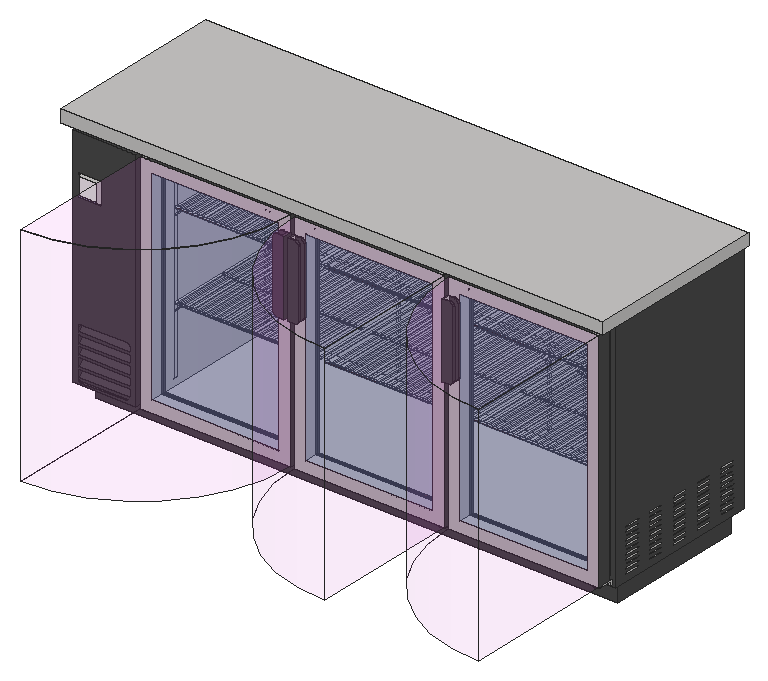
Revit family "QF_Kelvinator_738274_KCHBB72G_3-Glass_Door_Back_Bar_Refrigerator_Black_73_Long", category Specialty Equipment, Revit 2021 (continued)
Definition of nested family "KCHBB48S"
  Definition of nested family "Family2"
    Automatic sketch dimensions
      Sweep 29 sketch curve to plane 10 = 0.0625"
      plane 1 "BACK" to Sweep 29 sketch curve = 0.500"
      Sweep 29 sketch curve to plane 5 "FRONT" = 1.500"
      Sweep 29 sketch curve to profile plane = 0.000"
      profile plane to Sweep 29 sketch curve = 33.51221"
      plane 4 "RIGHT" to Sweep 30 sketch curve = 0.65748"
      Sweep 30 sketch curve to Sweep 30 sketch curve = 0.500"
      Sweep 30 sketch curve to plane 10 = 0.81786"
      Sweep 30 sketch curve to plane 10 = 0.31786"
      level to Sweep 30 sketch curve = 10.9932"
      Sweep 30 sketch curve to Sweep 30 sketch curve = 1.08695"
      Sweep 30 sketch curve to Sweep 30 sketch curve = 1.10452"
      Sweep 30 sketch curve to profile plane = 0.000"
      profile plane to Sweep 30 sketch curve = 0.125"
      plane 4 "RIGHT" to Extrusion 31 sketch curve = 1.24728"
      Extrusion 31 sketch curve to Extrusion 31 sketch curve = 0.750"  (x19)
      Extrusion 31 sketch curve to Extrusion 31 sketch curve = 0.84375"  (x2)
      Extrusion 31 sketch curve to Extrusion 31 sketch curve = 0.8492"
      Extrusion 31 sketch curve to Extrusion 31 sketch curve = 0.68205"
      level to Extrusion 31 sketch curve = 9.50541"
      Extrusion 31 sketch curve to Extrusion 31 sketch curve = 0.000"  (x23)
      plane 8 "Center X" to Extrusion 32 sketch curve = 0.375"
      level to Extrusion 32 sketch curve = 9.50501"
      Sweep 33 sketch curve to plane 12 = 0.27862"
      Sweep 33 sketch curve to Sweep 33 sketch curve = 0.250"  (x3)
      plane 11 to Sweep 33 sketch curve = 0.5625"  (x2)
      plane 1 "BACK" to Sweep 33 sketch curve = 0.500"
      Sweep 33 sketch curve to plane 5 "FRONT" = 1.500"
      Sweep 33 sketch curve to profile plane = 0.000"
      profile plane to Sweep 33 sketch curve = 33.51221"
      Sweep 34 sketch curve to plane 12 = 0.40748"
      Sweep 34 sketch curve to Sweep 34 sketch curve = 0.500"  (x2)
      plane 11 to Sweep 34 sketch curve = 1.06786"
      Sweep 34 sketch curve to plane 6 "TOP" = 4.5068"
      Sweep 34 sketch curve to Sweep 34 sketch curve = 1.08695"
      Sweep 34 sketch curve to Sweep 34 sketch curve = 1.10452"
      Sweep 34 sketch curve to profile plane = 0.000"
      profile plane to Sweep 34 sketch curve = 0.125"
      Extrusion 35 sketch curve to plane 12 = 0.99728"
      Extrusion 35 sketch curve to Extrusion 35 sketch curve = 0.750"  (x17)
      plane 7 "Center Y" to Extrusion 35 sketch curve = 0.62772"
      Extrusion 35 sketch curve to plane 7 "Center Y" = 0.12228"
      Extrusion 35 sketch curve to Extrusion 35 sketch curve = 0.84375"  (x2)
      Extrusion 35 sketch curve to Extrusion 35 sketch curve = 0.8492"
      Extrusion 35 sketch curve to Extrusion 35 sketch curve = 0.68205"
      Extrusion 35 sketch curve to plane 6 "TOP" = 5.99459"
      Extrusion 35 sketch curve to Extrusion 35 sketch curve = 0.000"  (x23)
      plane 8 "Center X" to Extrusion 36 sketch curve = 0.375"
      Extrusion 36 sketch curve to plane 6 "TOP" = 5.99499"
      Extrusion 37 sketch curve to plane 1 "BACK" = 0.000"
      Extrusion 37 sketch curve to level = 0.000"
      Extrusion 37 sketch curve to plane 6 "TOP" = 0.000"
      plane 1 "BACK" to Extrusion 37 sketch curve = 0.17678"
      level to Extrusion 37 sketch curve = 0.17678"
      Extrusion 37 sketch curve to plane 6 "TOP" = 0.17678"
      plane 1 "BACK" to Extrusion 38 sketch curve = 1.24159"  (x2)
      Extrusion 38 sketch curve to Extrusion 38 sketch curve = 0.02647"  (x4)
      Extrusion 38 sketch curve to Extrusion 38 sketch curve = 0.25771"  (x2)
      Extrusion 38 sketch curve to Extrusion 38 sketch curve = 0.01918"  (x4)
      plane 1 "BACK" to Extrusion 38 sketch curve = 0.17678"  (x4)
      level to Extrusion 38 sketch curve = 8.23066"
      Extrusion 38 sketch curve to Extrusion 38 sketch curve = 0.17678"  (x2)
      Extrusion 38 sketch curve to Extrusion 38 sketch curve = 0.78063"  (x2)
      Extrusion 38 sketch curve to Extrusion 38 sketch curve = 0.10741"  (x2)
      Extrusion 38 sketch curve to plane 6 "TOP" = 7.25371"
      Extrusion 39 sketch curve to plane 1 "BACK" = 0.000"
      Extrusion 39 sketch curve to level = 0.000"
      Extrusion 39 sketch curve to plane 6 "TOP" = 0.000"
      plane 1 "BACK" to Extrusion 39 sketch curve = 0.17678"
      level to Extrusion 39 sketch curve = 0.17678"
      Extrusion 39 sketch curve to plane 6 "TOP" = 0.17678"
      plane 1 "BACK" to Extrusion 40 sketch curve = 1.24159"  (x2)
      Extrusion 40 sketch curve to Extrusion 40 sketch curve = 0.02647"  (x4)
      Extrusion 40 sketch curve to Extrusion 40 sketch curve = 0.25771"  (x2)
      Extrusion 40 sketch curve to Extrusion 40 sketch curve = 0.01918"  (x4)
      plane 1 "BACK" to Extrusion 40 sketch curve = 0.17678"  (x4)
      level to Extrusion 40 sketch curve = 8.23066"
      Extrusion 40 sketch curve to Extrusion 40 sketch curve = 0.17678"  (x2)
      Extrusion 40 sketch curve to Extrusion 40 sketch curve = 0.78063"  (x2)
      Extrusion 40 sketch curve to Extrusion 40 sketch curve = 0.10741"  (x2)
      Extrusion 40 sketch curve to plane 6 "TOP" = 7.25371"
      Sweep 41 sketch curve to plane 12 = 0.27862"
      Sweep 41 sketch curve to Sweep 41 sketch curve = 0.250"  (x3)
      plane 11 to Sweep 41 sketch curve = 0.5625"  (x2)
      plane 1 "BACK" to Sweep 41 sketch curve = 0.500"
      Sweep 41 sketch curve to plane 5 "FRONT" = 1.500"
      Sweep 41 sketch curve to profile plane = 0.000"
      profile plane to Sweep 41 sketch curve = 33.51221"
      Sweep 42 sketch curve to plane 12 = 0.40748"
      Sweep 42 sketch curve to Sweep 42 sketch curve = 0.500"  (x2)
      plane 11 to Sweep 42 sketch curve = 1.06786"
      level to Sweep 42 sketch curve = 10.9932"
      Sweep 42 sketch curve to Sweep 42 sketch curve = 1.08695"
      Sweep 42 sketch curve to Sweep 42 sketch curve = 1.10452"
      Sweep 42 sketch curve to profile plane = 0.000"
      profile plane to Sweep 42 sketch curve = 0.125"
      Extrusion 43 sketch curve to plane 12 = 0.99728"
      Extrusion 43 sketch curve to Extrusion 43 sketch curve = 0.750"  (x17)
      plane 7 "Center Y" to Extrusion 43 sketch curve = 0.62772"
      Extrusion 43 sketch curve to plane 7 "Center Y" = 0.12228"
      Extrusion 43 sketch curve to Extrusion 43 sketch curve = 0.84375"  (x2)
      Extrusion 43 sketch curve to Extrusion 43 sketch curve = 0.8492"
      Extrusion 43 sketch curve to Extrusion 43 sketch curve = 0.68205"
      level to Extrusion 43 sketch curve = 9.50541"
      Extrusion 43 sketch curve to Extrusion 43 sketch curve = 0.000"  (x23)
      plane 8 "Center X" to Extrusion 44 sketch curve = 0.375"
      level to Extrusion 44 sketch curve = 9.50501"
      radius of Sweep 1 sketch curve = 0.125"
      radius of Sweep 2 sketch curve = 0.125"
      radius of Extrusion 3 sketch curve = 0.11607"
      radius of Extrusion 3 sketch curve = 0.11719"  (x23)
      radius of Extrusion 4 sketch curve = 0.11366"
      radius of Sweep 17 sketch curve = 0.125"
      radius of Sweep 18 sketch curve = 0.125"
      radius of Extrusion 19 sketch curve = 0.11607"
      radius of Extrusion 19 sketch curve = 0.11719"  (x23)
      radius of Extrusion 20 sketch curve = 0.11366"
      radius of Sweep 21 sketch curve = 0.125"
      radius of Sweep 22 sketch curve = 0.125"
      radius of Extrusion 23 sketch curve = 0.11607"
      radius of Extrusion 23 sketch curve = 0.11719"  (x23)
      radius of Extrusion 24 sketch curve = 0.11366"
      radius of Sweep 29 sketch curve = 0.125"
      radius of Sweep 30 sketch curve = 0.125"
      radius of Extrusion 31 sketch curve = 0.11607"
      radius of Extrusion 31 sketch curve = 0.11719"  (x23)
      radius of Extrusion 32 sketch curve = 0.11366"
      radius of Sweep 33 sketch curve = 0.125"
      radius of Sweep 34 sketch curve = 0.125"
      radius of Extrusion 35 sketch curve = 0.11607"
      radius of Extrusion 35 sketch curve = 0.11719"  (x23)
      radius of Extrusion 36 sketch curve = 0.11366"
      radius of Sweep 41 sketch curve = 0.125"
      radius of Sweep 42 sketch curve = 0.125"
      radius of Extrusion 43 sketch curve = 0.11607"
      radius of Extrusion 43 sketch curve = 0.11719"  (x23)
      radius of Extrusion 44 sketch curve = 0.11366"
